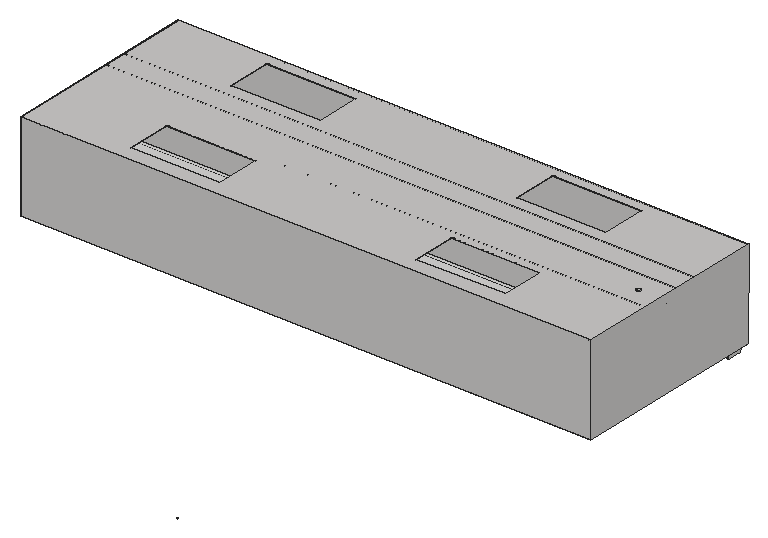
Revit family "QF_ELECTROLUXPROFESSIONAL_641254_STPF1132", category Attrezzature speciali, Revit 2021
Family settings
  Quota connettore circolare = Usa diametro
  Tipo di parte = Normale
  Basato su piano di lavoro = No
  Sempre verticale = Sì
  Taglio con vuoti quando caricato = No
  Condiviso = No
  Punto di calcolo locali = No
Parameters (values of type "Standard")
  Weight = 197.00 kg
  Watts = 240 W
  Volts = 220 V
  URL Manufacturer = "https://www.electroluxprofessional.com/"
  URL = "https://www.electroluxprofessional.com/"
  Steam Supply Size = 0 mm
  Steam Supply Minimum Pressure = 0.0 Pa
  Steam Supply Maximum Pressure = 0.0 Pa
  Steam Consumption per Hour = 0
  Refrigeration Suction Line Size = 0 mm
  Refrigeration Liquid Line Size = 0 mm
  Refrigerant Compressor Remote = yes
  Prospetto di default = 0 mm
  Produttore = "Electrolux Professional"
  Phase = 1
  Modello = "STPF1132"
  Length Actual = 3200 mm  # constant formula
  Item Number = "641254"
  Hot Water Size = 0 mm
  Height Actual = 500 mm  # constant formula
  HP = "0.3 HP"
  Gas Size = 0 mm
  Gas KW = 0
  Gas Input Pressure = 0 W
  Direct Waste Size = 0 mm
  Descrizione = "304 S/S WALL HOOD+FILTER+LAMPS 3200X1100"
  Depth Actual = 1100 mm  # constant formula
  Cycle = 50 Hz
  Condensate Return Size = 0 mm
  Compressed Air Volume = 0.0 L/s
  Compressed Air Size = 0 mm
  Compressed Air Pressure = 0.0 Pa
  Cold Water Size = 0 mm
  Accessory = yes
Reference planes
  plane 1: z = 0
  plane 2 "Center (Left/Right)": x = 150
  plane 3 "LEFT": x = -1450
  plane 4 "RIGHT": x = 1750
  plane 5 "BACK": y = 550
  plane 6 "TOP": z = 2500
  plane 7 "Base": z = 2000
  plane 8: z = 1955
  plane 9 "DrainY": y = 490
  plane 10: x = -1447
  plane 11 "DrainX": x = 1630
  plane 12 "AOLeft2": x = -400
  plane 13 "AORight1": x = 700
  plane 14: x = 1747
  plane 15: x = -1250
  plane 16: x = 1550
  plane 17 "Center (Front/Back)": y = -100
  plane 18 "Front": y = -550
  plane 19 "AOLeft1": x = -900
  plane 20 "AORight2": x = 1200
  plane 21: y = -464
  plane 22: y = -214
  plane 23: y = 240
  plane 24: y = 490
  plane 25 "EI_y": y = -70
  plane 26 "EIx": x = 1630
Forms (mm)
  Extrusion 1, solid, material "QF_Finishes_Stainless Steel"
    sketch origin (-1450, 0, 360) x (0, 1, 0) y (0, 0, 1)
      loop
        line (550, 1640) -> (550, 2140) -> (-550, 2140) -> (-550, 1640) -> (550, 1640)
    from 0 to 3
  Extrusion 2, solid, material "QF_Finishes_Stainless Steel"
    sketch origin (1750, 0, 360) x (0, 1, 0) y (0, 0, 1)
      loop
        line (550, 1640) -> (550, 2140) -> (-550, 2140) -> (-550, 1640) -> (550, 1640)
    from 0 to -3
  Extrusion 3, solid, material "QF_Finishes_Stainless Steel"
    sketch origin (150, 0, 360) x (0, 1, 0) y (0, 0, 1)
      loop
        line (-550, 2140) -> (-550, 1640) -> (-540, 1640) -> (-540, 1640.8) -> (-549.2, 1640.8) -> (-549.2, 2139.19) -> (549.2, 2139.19) -> (549.2, 1640.8) -> (540, 1640.8) -> (540, 1640) -> (550, 1640) -> (550, 2140) -> (-550, 2140)
    from -1600 to 1600
  Extrusion 4, solid, material "QF_Finishes_Stainless Steel"
    sketch origin (0, 0, 2000) x (0, 1, 0) y (-1, 0, 0)
      loop
        circle (490, -1630) r 4.763
    from -30 to 0
  Extrusion 5, void
    sketch origin (0, 0, 2500) x (0, 1, 0) y (-1, 0, 0)
      loop
        line (-214, 400) -> (-214, 900) -> (-464, 900) -> (-464, 400) -> (-214, 400)
    from 0 to -10
  Extrusion 6, solid, material "QF_Finishes_Stainless Steel"
    sketch origin (0, 0, 0) x (1, 0, 0) y (0, 1, 0)
      loop
        line (-1450, 550) -> (-1450, 549) -> (-1449, 549) -> (-1449, 550) -> (-1450, 550)
    from 0 to 1
  Extrusion 7, solid, material "QF_LAMPS"
    sketch origin (150, 0, 360) x (0, 1, 0) y (0, 0, 1)
      loop
        line (-172.823, 1962.324) -> (-18.948, 2086.929) -> (-27.129, 2097.032) -> (-181.003, 1972.426) -> (-172.823, 1962.324)
    from 1597 to -1597
  Sweep 8, solid, material "QF_Finishes_Stainless Steel"
    path origin (0, 0, 0) x (1, 0, 0) y (0, 1, 0)
      loop
        line (1750, 550) -> (-1450, 550) -> (-1450, -550) -> (1750, -550) -> (1750, 550)
    profile origin (1750, 0, 0) x (1, 0, 0) y (0, 0, 1)
      loop
        line (-3, 2000) -> (-3, 2000.8) -> (-19, 2000.8) -> (-19, 2010) -> (-20, 2010) -> (-20, 2000) -> (-3, 2000)
  Extrusion 9, solid, material "QF_Finishes_Stainless Steel"
    sketch origin (150, 0, 0) x (0, 1, 0) y (0, 0, 1)
      loop
        line (414.66, 2095.469) -> (440.643, 2110.471) -> (261.744, 2411.771) -> (235.948, 2396.455) -> (414.66, 2095.469)
    from -1597 to -1400
  Extrusion 10, void
    sketch origin (1134.605, 0, 2500) x (0, 1, 0) y (-1, 0, 0)
      loop
        line (-214, -65.395) -> (-214, 434.605) -> (-464, 434.605) -> (-464, -65.395) -> (-214, -65.395)
    from 0 to -10
  Extrusion 11, solid, material "QF_Finishes_Stainless Steel"
    sketch origin (1630, 0, 0) x (0, 1, 0) y (0, 0, 1)
      loop
        line (539, 2000) -> (441, 2000) -> (441, 1989) -> (448.5, 1989) -> (448.5, 1965)
        arc (448.5, 1965) -> (451.429, 1957.929) -> (458.5, 1955) r 10
        line (458.5, 1955) -> (521.5, 1955)
        arc (521.5, 1955) -> (528.571, 1957.929) -> (531.5, 1965) r 10
        line (531.5, 1965) -> (531.5, 1989) -> (539, 1989) -> (539, 2000)
    from 90 to -90
  Extrusion 12, solid, material "QF_Finishes_Stainless Steel"
    sketch origin (150, 0, 0) x (0, 1, 0) y (0, 0, 1)
      loop
        line (414.66, 2095.469) -> (440.643, 2110.471) -> (261.744, 2411.771) -> (235.948, 2396.455) -> (414.66, 2095.469)
    from 1400 to 1597
  Extrusion 13, solid, material "QF_Finished_Chrome"
    sketch origin (150, 0, 0) x (0, 1, 0) y (0, 0, 1)
      loop
        line (414.66, 2095.469) -> (440.643, 2110.471) -> (261.744, 2411.771) -> (235.948, 2396.455) -> (414.66, 2095.469)
    from -1400 to 1400
  Extrusion 14, void
    sketch origin (0, 1180, 2500) x (0, 1, 0) y (-1, 0, 0)
      loop
        line (-690, 400) -> (-690, 900) -> (-940, 900) -> (-940, 400) -> (-690, 400)
    from 0 to -10
  Extrusion 15, void
    sketch origin (1600, 1180, 2500) x (0, 1, 0) y (-1, 0, 0)
      loop
        line (-690, 400) -> (-690, 900) -> (-940, 900) -> (-940, 400) -> (-690, 400)
    from 0 to -10
  Extrusion 16, solid, material "QF_Finishes_Stainless Steel"
    sketch origin (0, 0, 2500) x (0, 1, 0) y (-1, 0, 0)
      loop
        circle (-70, -1630) r 10
    from 0 to 1.6
  Extrusion 17, solid, material "QF_Finishes_Stainless Steel"
    sketch origin (150, 0, 360) x (0, 1, 0) y (0, 0, 1)
      loop
        line (430.005, 1640) -> (540, 1640) -> (540, 1640.8) -> (430.467, 1640.8) -> (371.906, 1742.23) -> (414.858, 1734.657) -> (442.266, 1750.481) -> (442.266, 1765.943) -> (441.466, 1765.943) -> (441.466, 1750.943) -> (414.709, 1735.495) -> (321.153, 1751.991) -> (320.875, 1750.416) -> (371.4, 1741.507) -> (430.005, 1640)
      loop
        line (172.529, 2139.19) -> (242.893, 2017.316) -> (245.133, 2018.715) -> (240.13, 2027.381) -> (238.569, 2026.405) -> (173.453, 2139.19) -> (172.529, 2139.19)
    from -1597 to 1597
  Extrusion 18, solid, material "QF_Finishes_Stainless Steel"
    sketch origin (150, 200.8, 360) x (0, 1, 0) y (0, 0, 1)
      loop
        line (-750, 2139.19) -> (-750, 1640) -> (-686.602, 1640) -> (-599.146, 1690.493) -> (-610.058, 1709.394) -> (-666.564, 1676.77) -> (-714.704, 1680.982) -> (-749.2, 1730.248) -> (-749.2, 2139.19) -> (-750, 2139.19)
      loop
        line (-373.6, 1961.694) -> (-381.937, 1971.99) -> (-369.095, 1982.182) -> (-369.095, 2139.19) -> (-369.895, 2139.19) -> (-369.895, 1982.569) -> (-682.298, 1734.63) -> (-671.091, 1720.79) -> (-373.6, 1961.694)
      loop
        line (-227.61, 2099.216) -> (-218.171, 2087.559) -> (-154.411, 2139.19) -> (-155.682, 2139.19) -> (-218.052, 2088.684) -> (-226.989, 2099.719) -> (-227.61, 2099.216)
    from -1597 to 1597
  Extrusion 19, solid, material "QF_Finishes_Stainless Steel"
    sketch origin (0, 0, 2500) x (0, 1, 0) y (-1, 0, 0)
      loop
        circle (-70, -1630) r 10
    from 0 to 1.6
Cuts and joins
  Extrusion 5, Extrusion 10, Extrusion 14, Extrusion 15 cuts Extrusion 3
  joined: Extrusion 2, Extrusion 3, Sweep 8
Lines and regions (mm)
  symbolic lines, style "SpecialityEquipment", detail levels coarse
    curve 1: line (1750, 550, 2500) -> (-1450, 550, 2500)
    curve 2: line (-1450, 550, 2500) -> (-1450, -550, 2500)
    curve 3: line (1750, -550, 2500) -> (1750, 550, 2500)
    curve 4: line (-1450, 550, 0) -> (1750, -550, 0)
    curve 5: line (1750, 550, 0) -> (-1450, -550, 0)
    curve 6: line (-1450, -550, 0) -> (1750, -550, 0)
  symbolic lines, detail levels coarse
    curve 7: line (-900, 240, 2500) -> (-400, 240, 2500)
    curve 8: line (-900, 490, 2500) -> (-900, 240, 2500)
    curve 9: line (-400, 490, 2500) -> (-900, 490, 2500)
    curve 10: line (-400, 240, 2500) -> (-400, 490, 2500)
    curve 11: line (700, 490, 2500) -> (700, 240, 2500)
    curve 12: line (1200, 490, 2500) -> (700, 490, 2500)
    curve 13: line (700, 240, 2500) -> (1200, 240, 2500)
    curve 14: line (1200, 240, 2500) -> (1200, 490, 2500)
    curve 15: line (-900, -214, 2500) -> (-400, -214, 2500)
    curve 16: line (-900, -464, 2500) -> (-900, -214, 2500)
    curve 17: line (-400, -464, 2500) -> (-900, -464, 2500)
    curve 18: line (-400, -214, 2500) -> (-400, -464, 2500)
    curve 19: line (700, -214, 2500) -> (1200, -214, 2500)
    curve 20: line (700, -464, 2500) -> (700, -214, 2500)
    curve 21: line (1200, -464, 2500) -> (700, -464, 2500)
    curve 22: line (1200, -214, 2500) -> (1200, -464, 2500)
Dimensions and locks
  plane 3 "LEFT" to plane 4 "RIGHT" = 3200 mm
  equal spacing: plane 3 "LEFT", plane 2 "Center (Left/Right)", plane 4 "RIGHT"
  plane 7 "Base" to plane 8 = 45 mm
  plane 5 "BACK" to plane 9 "DrainY" = 60 mm  (x2)
  plane 3 "LEFT" to plane 10 = 3 mm
  plane 11 "DrainX" to plane 4 "RIGHT" = 120 mm
  plane 14 to plane 4 "RIGHT" = 3 mm
  plane 3 "LEFT" to plane 15 = 200 mm
  plane 16 to plane 4 "RIGHT" = 200 mm
  locked: plane 12 "AOLeft2" to plane 13 "AORight1" at 1100
  equal spacing: plane 12 "AOLeft2", plane 2 "Center (Left/Right)", plane 13 "AORight1"
  locked: plane 7 "Base" to level at 2000
  locked: plane 6 "TOP" to plane 7 "Base" at 500
  locked: plane 19 "AOLeft1" to plane 12 "AOLeft2" at 500
  locked: plane 13 "AORight1" to plane 20 "AORight2" at 500
  locked: plane 22 to plane 21 at 250
  locked: plane 21 to plane 18 "Front" at 86
  locked: plane 24 to plane 23 at 250
  locked: plane 5 "BACK" to plane 24 at 60
  locked: plane 25 "EI_y" to plane 18 "Front" at 480
  locked: plane 26 "EIx" to plane 4 "RIGHT" at 120
  locked: plane 5 "BACK" to plane 18 "Front" at 1100
  plane 5 "BACK" to plane 18 "Front" = 1100 mm
  aligned and locked: level to plane 1
  aligned and locked: plane 4 "RIGHT" to Extrusion 3
  aligned and locked: Extrusion 3 to plane 3 "LEFT"
  aligned and locked: Extrusion 2 to plane 14
  aligned and locked: Extrusion 9 to plane 10
  aligned and locked: Extrusion 5 to plane 19 "AOLeft1"
  aligned and locked: Extrusion 5 to plane 12 "AOLeft2"
  aligned and locked: plane 20 "AORight2" to Extrusion 10
  aligned and locked: plane 13 "AORight1" to Extrusion 10
  aligned and locked: plane 15 to Extrusion 9
  aligned and locked: plane 16 to Extrusion 12
  aligned and locked: plane 14 to Extrusion 12
  aligned and locked: Extrusion 13 to plane 15
  aligned and locked: Extrusion 13 to plane 16
  aligned and locked: plane 14 to Extrusion 7
  aligned and locked: Extrusion 7 to plane 10
  aligned and locked: Extrusion 14 to plane 23
  aligned and locked: plane 24 to Extrusion 14
  aligned and locked: plane 24 to Extrusion 15
  aligned and locked: Extrusion 15 to plane 23
  aligned and locked: plane 13 "AORight1" to Extrusion 15
  aligned and locked: plane 20 "AORight2" to Extrusion 15
  aligned and locked: Extrusion 14 to plane 19 "AOLeft1"
  aligned and locked: Extrusion 14 to plane 12 "AOLeft2"
  aligned and locked: Extrusion 17 to plane 10
  aligned and locked: plane 14 to Extrusion 17
  aligned and locked: Extrusion 5 to plane 21
  aligned and locked: plane 22 to Extrusion 5
  aligned and locked: Extrusion 10 to plane 21
  aligned and locked: Extrusion 18 to plane 10
  aligned and locked: plane 14 to Extrusion 18
Automatic sketch dimensions
  curve 6 to plane 3 "LEFT" = 0 mm
  curve 4 to plane 3 "LEFT" = 0 mm
  curve 5 to plane 4 "RIGHT" = 0 mm
  curve 6 to plane 4 "RIGHT" = 0 mm
  curve 4 to plane 18 "Front" = 0 mm
  curve 4 to plane 5 "BACK" = 0 mm
  curve 5 to plane 5 "BACK" = 0 mm
  Extrusion 1 sketch curve to plane 7 "Base" = 0 mm
  Extrusion 1 sketch curve to plane 18 "Front" = 0 mm
  Extrusion 1 sketch curve to plane 5 "BACK" = 0 mm
  Extrusion 1 sketch curve to plane 6 "TOP" = 0 mm
  Extrusion 2 sketch curve to plane 7 "Base" = 0 mm
  Extrusion 2 sketch curve to plane 18 "Front" = 0 mm
  Extrusion 2 sketch curve to plane 5 "BACK" = 0 mm
  Extrusion 2 sketch curve to plane 6 "TOP" = 0 mm
  Extrusion 3 sketch curve to plane 6 "TOP" = 0 mm
  Extrusion 3 sketch curve to plane 18 "Front" = 0 mm
  Extrusion 3 sketch curve to plane 7 "Base" = 0 mm  (x2)
  Extrusion 3 sketch curve to plane 5 "BACK" = 0 mm
  plane 18 "Front" to Extrusion 3 sketch curve = 0.8 mm
  Extrusion 3 sketch curve to Extrusion 3 sketch curve = 9.2 mm
  plane 7 "Base" to Extrusion 3 sketch curve = 0.8 mm  (x2)
  Extrusion 3 sketch curve to plane 5 "BACK" = 10 mm
  Extrusion 3 sketch curve to plane 5 "BACK" = 0.8 mm
  Extrusion 3 sketch curve to plane 6 "TOP" = 0.81 mm
  Extrusion 4 sketch curve to plane 9 "DrainY" = 0 mm
  Extrusion 4 sketch curve to plane 11 "DrainX" = 0 mm
  Extrusion 5 sketch curve to plane 12 "AOLeft2" = 0 mm
  Extrusion 5 sketch curve to plane 19 "AOLeft1" = 0 mm
  plane 21 to Extrusion 5 sketch curve = 0 mm
  Extrusion 5 sketch curve to plane 25 "EI_y" = 144 mm
  Extrusion 6 sketch curve to plane 3 "LEFT" = 0 mm
  Extrusion 6 sketch curve to plane 5 "BACK" = 0 mm
  plane 3 "LEFT" to Extrusion 6 sketch curve = 1 mm
  Extrusion 6 sketch curve to Extrusion 6 sketch curve = 1 mm
  plane 22 to Extrusion 7 sketch curve = 32.997 mm
  Extrusion 7 sketch curve to Extrusion 7 sketch curve = 8.181 mm  (x2)
  plane 25 "EI_y" to Extrusion 7 sketch curve = 42.871 mm
  Extrusion 7 sketch curve to plane 6 "TOP" = 177.676 mm
  Extrusion 7 sketch curve to Extrusion 7 sketch curve = 10.102 mm
  Extrusion 7 sketch curve to plane 6 "TOP" = 53.071 mm
  Extrusion 7 sketch curve to Extrusion 7 sketch curve = 10.103 mm
  Sweep 8 sketch curve to plane 3 "LEFT" = 0 mm
  Sweep 8 sketch curve to plane 4 "RIGHT" = 0 mm
  Sweep 8 sketch curve to plane 18 "Front" = 0 mm
  Sweep 8 sketch curve to plane 5 "BACK" = 0 mm
  profile plane to Sweep 8 sketch curve = 20 mm
  Sweep 8 sketch curve to Sweep 8 sketch curve = 1 mm
  profile plane to Sweep 8 sketch curve = 3 mm
  level to Sweep 8 sketch curve = 2000 mm
  Sweep 8 sketch curve to Sweep 8 sketch curve = 0.8 mm
  Sweep 8 sketch curve to Sweep 8 sketch curve = 9.2 mm
  Extrusion 9 sketch curve to plane 23 = 4.052 mm
  plane 23 to Extrusion 9 sketch curve = 21.744 mm
  Extrusion 9 sketch curve to plane 9 "DrainY" = 75.34 mm
  Extrusion 9 sketch curve to Extrusion 9 sketch curve = 25.983 mm
  plane 7 "Base" to Extrusion 9 sketch curve = 95.469 mm
  Extrusion 9 sketch curve to Extrusion 9 sketch curve = 15.001 mm
  Extrusion 9 sketch curve to plane 6 "TOP" = 103.545 mm
  Extrusion 9 sketch curve to Extrusion 9 sketch curve = 15.316 mm
  Extrusion 10 sketch curve to plane 20 "AORight2" = 0 mm
  Extrusion 10 sketch curve to plane 13 "AORight1" = 0 mm
  plane 21 to Extrusion 10 sketch curve = 0 mm
  Extrusion 10 sketch curve to plane 25 "EI_y" = 144 mm
  Extrusion 11 sketch curve to plane 8 = 0 mm
  Extrusion 11 sketch curve to plane 7 "Base" = 11 mm  (x2)
  Extrusion 11 sketch curve to plane 9 "DrainY" = 49 mm
  Extrusion 11 sketch curve to Extrusion 11 sketch curve = 7.5 mm  (x2)
  Extrusion 11 sketch curve to Extrusion 11 sketch curve = 10 mm
  Extrusion 11 sketch curve to plane 5 "BACK" = 28.5 mm
  Extrusion 11 sketch curve to plane 5 "BACK" = 18.5 mm
  plane 7 "Base" to Extrusion 11 sketch curve = 0 mm
  Extrusion 12 sketch curve to plane 23 = 4.052 mm
  plane 23 to Extrusion 12 sketch curve = 21.744 mm
  Extrusion 12 sketch curve to plane 9 "DrainY" = 75.34 mm
  Extrusion 12 sketch curve to Extrusion 12 sketch curve = 25.983 mm
  plane 7 "Base" to Extrusion 12 sketch curve = 95.469 mm
  Extrusion 12 sketch curve to Extrusion 12 sketch curve = 15.001 mm
  Extrusion 12 sketch curve to plane 6 "TOP" = 103.545 mm
  Extrusion 12 sketch curve to Extrusion 12 sketch curve = 15.316 mm
  Extrusion 13 sketch curve to plane 23 = 4.052 mm
  plane 23 to Extrusion 13 sketch curve = 21.744 mm
  Extrusion 13 sketch curve to plane 9 "DrainY" = 75.34 mm
  Extrusion 13 sketch curve to Extrusion 13 sketch curve = 25.983 mm
  plane 7 "Base" to Extrusion 13 sketch curve = 95.469 mm
  Extrusion 13 sketch curve to Extrusion 13 sketch curve = 15.001 mm
  Extrusion 13 sketch curve to plane 6 "TOP" = 103.545 mm
  Extrusion 13 sketch curve to Extrusion 13 sketch curve = 15.316 mm
  Extrusion 14 sketch curve to plane 12 "AOLeft2" = 0 mm
  Extrusion 14 sketch curve to plane 23 = 0 mm
  Extrusion 14 sketch curve to plane 9 "DrainY" = 0 mm
  Extrusion 14 sketch curve to plane 19 "AOLeft1" = 0 mm
  Extrusion 15 sketch curve to plane 20 "AORight2" = 0 mm
  Extrusion 15 sketch curve to plane 23 = 0 mm
  Extrusion 15 sketch curve to plane 9 "DrainY" = 0 mm
  Extrusion 15 sketch curve to plane 13 "AORight1" = 0 mm
  Extrusion 16 sketch curve to plane 25 "EI_y" = 0 mm
  Extrusion 16 sketch curve to plane 26 "EIx" = 0 mm
  Extrusion 17 sketch curve to plane 7 "Base" = 0 mm
  Extrusion 17 sketch curve to plane 6 "TOP" = 0.81 mm
  Extrusion 17 sketch curve to plane 23 = 67.471 mm
  Extrusion 17 sketch curve to Extrusion 17 sketch curve = 0.924 mm
  Extrusion 17 sketch curve to plane 23 = 1.431 mm
  plane 23 to Extrusion 17 sketch curve = 0.13 mm
  plane 23 to Extrusion 17 sketch curve = 2.893 mm
  Extrusion 17 sketch curve to Extrusion 17 sketch curve = 2.24 mm
  plane 23 to Extrusion 17 sketch curve = 80.875 mm
  Extrusion 17 sketch curve to Extrusion 17 sketch curve = 0.278 mm
  Extrusion 17 sketch curve to Extrusion 17 sketch curve = 50.525 mm
  Extrusion 17 sketch curve to Extrusion 17 sketch curve = 0.506 mm
  Extrusion 17 sketch curve to Extrusion 17 sketch curve = 42.803 mm
  Extrusion 17 sketch curve to Extrusion 17 sketch curve = 0.148 mm
  Extrusion 17 sketch curve to plane 9 "DrainY" = 59.995 mm
  plane 7 "Base" to Extrusion 17 sketch curve = 0.8 mm
  Extrusion 17 sketch curve to Extrusion 17 sketch curve = 0.462 mm  (x2)
  Extrusion 17 sketch curve to Extrusion 17 sketch curve = 109.533 mm
  Extrusion 17 sketch curve to Extrusion 17 sketch curve = 26.757 mm
  Extrusion 17 sketch curve to Extrusion 17 sketch curve = 0.8 mm
  plane 7 "Base" to Extrusion 17 sketch curve = 94.657 mm
  Extrusion 17 sketch curve to Extrusion 17 sketch curve = 0.838 mm
  Extrusion 17 sketch curve to Extrusion 17 sketch curve = 6.012 mm
  Extrusion 17 sketch curve to Extrusion 17 sketch curve = 0.723 mm
  Extrusion 17 sketch curve to Extrusion 17 sketch curve = 14.986 mm
  Extrusion 17 sketch curve to Extrusion 17 sketch curve = 15 mm
  Extrusion 17 sketch curve to plane 6 "TOP" = 122.684 mm
  Extrusion 17 sketch curve to Extrusion 17 sketch curve = 1.399 mm
  Extrusion 17 sketch curve to Extrusion 17 sketch curve = 9.089 mm
  Extrusion 17 sketch curve to Extrusion 17 sketch curve = 0.975 mm
  Extrusion 18 sketch curve to plane 7 "Base" = 0 mm
  Extrusion 18 sketch curve to Extrusion 18 sketch curve = 0.8 mm  (x2)
  plane 7 "Base" to Extrusion 18 sketch curve = 40.982 mm
  Extrusion 18 sketch curve to Extrusion 18 sketch curve = 35.296 mm
  Extrusion 18 sketch curve to Extrusion 18 sketch curve = 28.102 mm
  plane 7 "Base" to Extrusion 18 sketch curve = 94.63 mm
  Extrusion 18 sketch curve to Extrusion 18 sketch curve = 32.405 mm
  plane 7 "Base" to Extrusion 18 sketch curve = 80.79 mm
  Extrusion 18 sketch curve to Extrusion 18 sketch curve = 11.207 mm
  plane 7 "Base" to Extrusion 18 sketch curve = 36.77 mm
  Extrusion 18 sketch curve to Extrusion 18 sketch curve = 20.038 mm
  plane 7 "Base" to Extrusion 18 sketch curve = 69.394 mm
  Extrusion 18 sketch curve to Extrusion 18 sketch curve = 61.033 mm
  plane 7 "Base" to Extrusion 18 sketch curve = 50.493 mm
  Extrusion 18 sketch curve to Extrusion 18 sketch curve = 10.912 mm
  Extrusion 18 sketch curve to plane 6 "TOP" = 168.01 mm
  Extrusion 18 sketch curve to Extrusion 18 sketch curve = 228.121 mm
  Extrusion 18 sketch curve to plane 6 "TOP" = 178.306 mm
  Extrusion 18 sketch curve to Extrusion 18 sketch curve = 8.337 mm
  Extrusion 18 sketch curve to plane 6 "TOP" = 157.431 mm
  Extrusion 18 sketch curve to Extrusion 18 sketch curve = 12.042 mm
  Extrusion 18 sketch curve to plane 6 "TOP" = 157.818 mm
  Extrusion 18 sketch curve to plane 6 "TOP" = 40.784 mm
  Extrusion 18 sketch curve to Extrusion 18 sketch curve = 141.485 mm
  Extrusion 18 sketch curve to plane 6 "TOP" = 40.281 mm
  Extrusion 18 sketch curve to Extrusion 18 sketch curve = 0.622 mm
  Extrusion 18 sketch curve to plane 6 "TOP" = 52.441 mm
  Extrusion 18 sketch curve to plane 6 "TOP" = 51.316 mm
  Extrusion 18 sketch curve to plane 6 "TOP" = 0.81 mm  (x3)
  Extrusion 18 sketch curve to Extrusion 18 sketch curve = 62.37 mm
  Extrusion 18 sketch curve to Extrusion 18 sketch curve = 1.271 mm
  Extrusion 18 sketch curve to Extrusion 18 sketch curve = 49.266 mm
  Extrusion 19 sketch curve to plane 25 "EI_y" = 0 mm
  Extrusion 19 sketch curve to plane 26 "EIx" = 0 mm
  plane 18 "Front" to Extrusion 18 sketch curve = 0.8 mm
  curve 2 to plane 3 "LEFT" = 0 mm
  curve 2 to plane 18 "Front" = 0 mm
  curve 3 to plane 4 "RIGHT" = 0 mm
  curve 3 to plane 18 "Front" = 0 mm
  curve 21 to plane 13 "AORight1" = 0 mm
  curve 21 to plane 21 = 0 mm
  curve 18 to plane 12 "AOLeft2" = 0 mm
  curve 18 to plane 21 = 0 mm
  curve 19 to plane 20 "AORight2" = 0 mm
  curve 19 to plane 22 = 0 mm
  curve 15 to plane 22 = 0 mm
  curve 13 to plane 13 "AORight1" = 0 mm
  curve 13 to plane 23 = 0 mm
  curve 10 to plane 12 "AOLeft2" = 0 mm
  curve 10 to plane 23 = 0 mm
  curve 14 to plane 9 "DrainY" = 0 mm
  curve 10 to plane 9 "DrainY" = 0 mm
  curve 2 to plane 5 "BACK" = 0 mm
  curve 14 to plane 20 "AORight2" = 0 mm
  curve 17 to plane 19 "AOLeft1" = 0 mm
  curve 7 to plane 19 "AOLeft1" = 0 mm
  radius of Extrusion 4 sketch curve = 4.763 mm
  radius of Extrusion 16 sketch curve = 10 mm
  radius of Extrusion 19 sketch curve = 10 mm
Connectors
  piping at (1630, 490, 1970), diameter 9.5
    settings: on Extrusion 4, index 1, connector inside diameter 609.6 mm, connector length 0 mm, flow factor 0, pipe flow 0.0 L/s, pressure drop 0.0 Pa, fitting loss kfactor 0, connector angle 0.00°, fixture units 0, engagement length 0 mm, angle of deflection 0.00°, flow configuration 1, flow direction 2, fitting loss method 0, system type 16, joint type 0, gender type 0, connector reference index -1, connector utility 0, adjustable connector no, is connector primary yes, connector description "Drain"
  hvac at (-650, -339, 2500)
    settings: on Extrusion 5, index 2, duct flow 0.0 L/s, flow factor 0, pres drop 0.0 Pa, loss coef 0, conn angle 0.00°, conn width 250 mm, conn height 500 mm, conn diameter 609.6 mm, duct sys type 1, conn prof type 1, flow config 1, flow direction 1, loss method 0, conn ref index -1, conn util no, is conn primary yes, conn desc "AIR INLET"
  hvac at (950, -339, 2500)
    settings: on Extrusion 10, index 3, duct flow 0.0 L/s, flow factor 0, pres drop 0.0 Pa, loss coef 0, conn angle 0.00°, conn width 250 mm, conn height 500 mm, conn diameter 609.6 mm, duct sys type 1, conn prof type 1, flow config 1, flow direction 1, loss method 0, conn ref index -1, conn util no, is conn primary no, conn desc "AIR INLET"
  hvac at (-650, 365, 2500)
    settings: on Extrusion 14, index 4, duct flow 0.0 L/s, flow factor 0, pres drop 0.0 Pa, loss coef 0, conn angle 0.00°, conn width 250 mm, conn height 500 mm, conn diameter 609.6 mm, duct sys type 3, conn prof type 1, flow config 1, flow direction 2, loss method 0, conn ref index -1, conn util no, is conn primary no, conn desc "EXHAUST OUTLET"
  hvac at (950, 365, 2500)
    settings: on Extrusion 15, index 5, duct flow 0.0 L/s, flow factor 0, pres drop 0.0 Pa, loss coef 0, conn angle 0.00°, conn width 250 mm, conn height 500 mm, conn diameter 609.6 mm, duct sys type 3, conn prof type 1, flow config 1, flow direction 2, loss method 0, conn ref index -1, conn util no, is conn primary no, conn desc "EXHAUST OUTLET"
  electrical at (1630, -70, 2501.6), driven by "Volts"
    settings: on Extrusion 16, index 6, voltage 220 V, apparent load 0 VA, apparent load phase1 0 VA, apparent load phase2 0 VA, apparent load phase3 0 VA, power factor 1, load classification "Other", number of poles 1, system type 30, power factor state 1, is connector primary yes, connector utility no, sub classification motor no, connector description "Electrical Connection"
  electrical at (1630, -70, 2501.6)
    settings: on Extrusion 19, index 12, voltage 0 V, apparent load 0 VA, apparent load phase1 0 VA, apparent load phase2 0 VA, apparent load phase3 0 VA, power factor 1, load classification "Other", number of poles 1, system type 30, power factor state 1, is connector primary no, connector utility no, sub classification motor no, connector description ""
